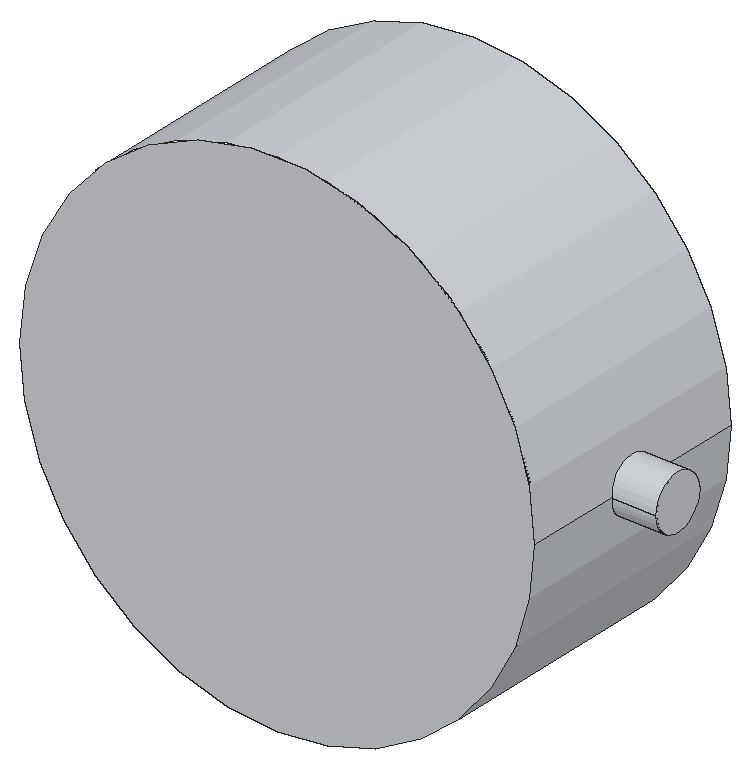
Revit family "배관부속_T_지름12", category 배관 부속류, Revit 2023
Family settings
  원형 커넥터 치수 = 지름 사용
  부품 유형 = 엘보
  작업 기준면 기반 = 아니오
  항상 수직 = 예
  로드될 때 보이드를 사용하여 절단 = 아니오
  공유 = 아니오
Parameters (values of type "배관부속_T_지름10")
  지름 = 114 mm
  기본 높이 = 0 mm
Types (3): name
  배관부속_T_지름10
  배관부속_T_지름5
  배관부속_T_지름12
Reference planes
  plane 1 "중심(앞/뒤)": y = 0
  plane 2: z = 0
  plane 3 "중심(왼쪽/오른쪽)": x = 0
Forms (mm)
  Sweep 1, solid
    path origin (0, -60, 0) x (1, 0, 0) y (0, 1, 0)
      loop
        line (0, 87) -> (0, 33)
    profile origin (0, 0, 0) x (1, 0, 0) y (0, 0, 1)
      loop
        circle (0, 0) r 57
  Sweep 2, solid
    path origin (20.782, 0.184, 0) x (1, 0, 0) y (0, 1, 0)
      loop
        line (36.004, 0) -> (46.004, 0)
    profile origin (61.786, 0.184, 0) x (0, 1, 0) y (0, 0, 1)
      loop
        circle (0, 0) r 6
Dimensions and locks
  aligned and locked: level to plane 2
Connectors
  piping at (0, -27, 0), diameter 114
    settings: on Sweep 1, index 1, connector inside diameter 609.6 mm, connector length 0 mm, flow factor 0, pipe flow 0.0 L/s, pressure drop 0.0 Pa, fitting loss kfactor 0, connector angle 0.00°, fixture units 0, engagement length 0 mm, angle of deflection 0.00°, flow configuration 0, flow direction 0, fitting loss method 0, system type 7, joint type 0, gender type 0, connector reference index -1, connector utility 0, adjustable connector no, is connector primary yes, connector description ""
  piping at (66.786, 0.184, 0), diameter 12
    settings: on Sweep 2, index 2, connector inside diameter 609.6 mm, connector length 0 mm, flow factor 0, pipe flow 0.0 L/s, pressure drop 0.0 Pa, fitting loss kfactor 0, connector angle 0.00°, fixture units 0, engagement length 0 mm, angle of deflection 0.00°, flow configuration 0, flow direction 0, fitting loss method 0, system type 7, joint type 0, gender type 0, connector reference index -1, connector utility 0, adjustable connector no, is connector primary no, connector description ""
  piping at (0, 27, 0), diameter 114
    settings: on Sweep 1, index 3, connector inside diameter 609.6 mm, connector length 0 mm, flow factor 0, pipe flow 0.0 L/s, pressure drop 0.0 Pa, fitting loss kfactor 0, connector angle 0.00°, fixture units 0, engagement length 0 mm, angle of deflection 0.00°, flow configuration 0, flow direction 0, fitting loss method 0, system type 7, joint type 0, gender type 0, connector reference index -1, connector utility 0, adjustable connector no, is connector primary no, connector description ""
